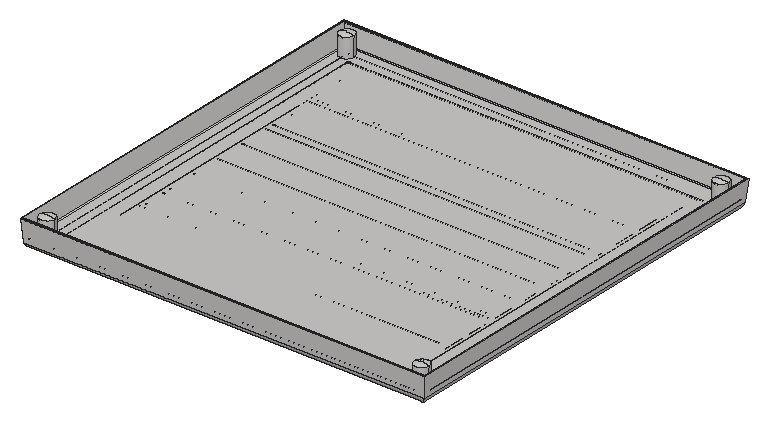
Revit family "NLRS_33_GM_FB_TC_STORAX_vloerluik_BVS-250_BCB", category Generic Models, host Face, Revit 2014
Parameters (values of type "BV-250 110")
  vullen_met_beton = "ja"  # constant formula
  versterking 88 = yes
  versterking 66 = yes
  versterking 106 110 = yes
  vergrendeling = "nee"  # constant formula
  uitwendige_lengte = 1135 mm
  uitwendige_breedte = 1135 mm
  sluiting = "4"  # constant formula
  scharnierend = "nee"  # constant formula
  rubberen_afdichting = "enkel"  # constant formula
  productgroep = "Vloerluiken"  # constant formula
  materiaal = bcb_staal
  liggers_lengte = binnenmaat_breedte - 50 mm  # 950 mm
  inbouwhoogte [instance] = 75 mm
  geïsoleerd = "nee"  # constant formula
  gewicht = "78"
  gasdrukveer = "nee"  # constant formula
  brandwerend 90 min = "nee"  # constant formula
  binnenmaat_lengte = uitwendige_lengte - 135 mm  # 1000 mm
  binnenmaat_breedte = uitwendige_breedte - 135 mm  # 1000 mm
  binnenluik = "tbv betonvulling"  # constant formula
  belasting = "125 kN"  # constant formula
  URL = "http://www.storax.nl/producten/Staal/188/Type-BVS-250"
  Model = "BV"  # constant formula
  Manufacturer = "Storax"  # constant formula
  Default Elevation = 0 mm
Types (6, lengths in mm): name | versterking 88 | versterking 66 | versterking 106 110 | uitwendige_lengte | uitwendige_breedte | liggers_lengte | gewicht | binnenmaat_lengte | binnenmaat_breedte
  (no name) | yes | yes | yes | 1135 | 1135 | 950 | "78" | 1000 | 1000
  BV-250 66 | no | yes | no | 735 | 735 | 550 | "31" | 600 | 600
  BV-250 88 | yes | no | no | 935 | 935 | 750 | "52" | 800 | 800
  BV-250 106 | no | no | yes | 1135 | 735 | 550 | "52" | 1000 | 600
  BV-250 110 | yes | yes | yes | 1135 | 1135 | 950 | "78" | 1000 | 1000
  maatwerk | yes | yes | yes | 1135 | 1135 | 950 | "52" | 1000 | 1000
Reference planes
  plane 1 "Center (Front/Back)": y = 0
  plane 2: z = 0
  plane 3 "Center (Left/Right)": x = 0
  plane 4: y = 567.5
  plane 5: y = -567.5
  plane 6: x = 567.5
  plane 7: x = -567.5
  plane 8: z = -75
  plane 9: x = -525.5
  plane 10: y = 525.5
  plane 11: y = -525.5
  plane 12: x = 525.5
  plane 13: x = -405.5
  plane 14: x = 405.5
  plane 15: y = -405.5
  plane 16: y = 405.5
Forms (mm)
  Sweep 1, solid, material "bcb_staal" <- "materiaal", detail levels medium+fine
    path origin (0, 0, 0) x (1, 0, 0) y (0, 1, 0)
      loop
        line (-567.5, 567.5) -> (-567.5, -567.5) -> (567.5, -567.5) -> (567.5, 567.5) -> (-567.5, 567.5)
    profile origin (-567.5, 0, 0) x (-1, 0, 0) y (0, 0, 1)
      loop
        line (0, 0) -> (-2.01, 0) -> (-8.062, -60.739)
        arc (-8.062, -60.739) -> (-19.025, -71.913) -> (-32.302, -63.62) r 12.5
        line (-32.302, -63.62) -> (-34.724, -56.679)
        arc (-34.724, -56.679) -> (-38.41, -54.001) -> (-42.212, -56.51) r 4
        line (-42.212, -56.51) -> (-44.362, -61.868)
        arc (-44.362, -61.868) -> (-48.269, -64.946) -> (-52.899, -63.13) r 5
        line (-52.899, -63.13) -> (-56.64, -57.982)
        arc (-56.64, -57.982) -> (-63.349, -55.792) -> (-67.5, -61.5) r 6
        line (-67.5, -61.5) -> (-67.5, -75) -> (-65.5, -75) -> (-65.5, -61.5)
        arc (-65.5, -61.5) -> (-62.734, -57.695) -> (-58.262, -59.152) r 4
        line (-58.262, -59.152) -> (-54.667, -64.109)
        arc (-54.667, -64.109) -> (-48.142, -66.947) -> (-42.504, -62.607) r 7
        line (-42.504, -62.607) -> (-40.356, -57.255)
        arc (-40.356, -57.255) -> (-38.451, -56.001) -> (-36.61, -57.346) r 2
        line (-36.61, -57.346) -> (-34.19, -64.279)
        arc (-34.19, -64.279) -> (-18.789, -73.899) -> (-6.071, -60.938) r 14.5
        line (-6.071, -60.938) -> (0, 0)
  Sweep 2, solid, material "bcb_staal" <- "materiaal", detail levels medium+fine
    path origin (0, 0, 0) x (1, 0, 0) y (0, 1, 0)
      loop
        line (-567.5, 567.5) -> (-567.5, -567.5) -> (567.5, -567.5) -> (567.5, 567.5) -> (-567.5, 567.5)
    profile origin (-567.5, 0, 0) x (-1, 0, 0) y (0, 0, 1)
      loop
        line (-10.487, -50.628) -> (-2.484, 0) -> (-4.5, 0) -> (-12.438, -50.313)
        arc (-12.438, -50.313) -> (-13.121, -51.538) -> (-14.437, -52.024) r 2.024
        line (-14.437, -52.024) -> (-67.5, -52.024) -> (-67.5, -53.988) -> (-14.751, -53.988)
        arc (-14.751, -53.988) -> (-11.962, -53.142) -> (-10.487, -50.628) r 4
  Sweep 3, solid, material "bcb_staal" <- "materiaal", detail levels coarse
    path origin (0, 0, 0) x (1, 0, 0) y (0, 1, 0)
      loop
        line (-567.5, 567.5) -> (-567.5, -567.5) -> (567.5, -567.5) -> (567.5, 567.5) -> (-567.5, 567.5)
    profile origin (-567.5, 0, 0) x (-1, 0, 0) y (0, 0, 1)
      loop
        line (0, 0) -> (-4.5, 0) -> (-12.74, -52.024) -> (-67.5, -52.024) -> (-67.5, -75) -> (-7.473, -75) -> (0, 0)
  Extrusion 4, solid, material "bcb_staal" <- "materiaal", detail levels medium+fine
    sketch origin (0, 0, 0) x (1, 0, 0) y (0, 1, 0)
      loop
        line (-500, 500) -> (-500, -500) -> (500, -500) -> (500, 500) -> (-500, 500)
    from -53.988 to -52
  Extrusion 5, solid, material "bcb_staal" <- "materiaal", detail levels coarse
    sketch origin (0, 0, 0) x (1, 0, 0) y (0, 1, 0)
      loop
        line (-500, 500) -> (-500, -500) -> (500, -500) -> (500, 500) -> (-500, 500)
    from -75 to -52.024
  Extrusion 6, void
    sketch origin (0, 0, 0) x (1, 0, 0) y (0, 1, 0)
      loop
        line (-405.5, -405.5) -> (405.5, -405.5) -> (405.5, 405.5) -> (-405.5, 405.5) -> (-405.5, -405.5)
    from -500 to 10
  Sweep 7, void
    path origin (0, 0, 0) x (1, 0, 0) y (0, 1, 0)
      loop
        line (-567.5, 567.5) -> (-567.5, -567.5) -> (567.5, -567.5) -> (567.5, 567.5) -> (-567.5, 567.5)
    profile origin (-567.5, 0, 0) x (-1, 0, 0) y (0, 0, 1)
      loop
        line (0.498, 5) -> (-162, 5) -> (-162, -365) -> (-65.5, -365) -> (-65.5, -75) -> (-7.473, -75) -> (0.498, 5)
Cuts and joins
  joined: Sweep 2, Extrusion 4
  joined: Sweep 3, Extrusion 5
Text (mm)
  text "Indien u deze familie geopend hebt vanuit het project via Edit Family: Niet Opslaan!\n\nOpen de familie via File - Open Family om de familie aan te passen.\n\n\n\nMocht u zelf aanpassingen willen aanbrengen in een type van de family, \n\npak dan het type maatwerk en neem contact op met Storax." at (-0.374, 589.999, 0), in view "Ref. Level"
Dimensions and locks
  equal spacing: plane 7, plane 3 "Center (Left/Right)", plane 6
  "uitwendige_breedte": plane 7 to plane 6
  equal spacing: plane 4, plane 1 "Center (Front/Back)", plane 5
  "uitwendige_lengte": plane 4 to plane 5
  locked: plane 4 to plane 10 at 42
  locked: plane 7 to plane 9 at 42
  locked: plane 12 to plane 6 at 42
  locked: plane 5 to plane 11 at 42
  locked: plane 9 to plane 13 at 120
  locked: plane 14 to plane 12 at 120
  locked: plane 15 to plane 11 at 120
  locked: plane 10 to plane 16 at 120
  aligned and locked: plane 2 to host face
  aligned and locked: level to host face
  aligned and locked: Sweep 1 sketch curve to plane 4
  aligned and locked: plane 7 to Sweep 1 sketch curve
  aligned and locked: plane 5 to Sweep 1 sketch curve
  aligned and locked: Sweep 1 sketch curve to plane 6
  aligned and locked: Sweep 2 sketch curve to Sweep 1  (x4)
  aligned and locked: Sweep 3 sketch curve to Sweep 1  (x4)
  aligned and locked: Extrusion 4 sketch curve to Sweep 1  (x4)
  aligned and locked: Extrusion 5 sketch curve to Sweep 3  (x2)
  aligned and locked: Extrusion 5 sketch curve to Sweep 1  (x2)
  aligned and locked: plane 9 to nested 1
  aligned and locked: nested 1 to plane 10
  aligned and locked: nested 2 to plane 12
  aligned and locked: plane 10 to nested 2
  aligned and locked: plane 11 to nested 3
  aligned and locked: nested 3 to plane 9
  aligned and locked: nested 4 to plane 11
  aligned and locked: plane 12 to nested 4
  aligned and locked: Extrusion 6 to plane 16
  aligned and locked: Extrusion 6 to plane 14
  aligned and locked: Extrusion 6 to plane 15
  aligned and locked: Extrusion 6 to plane 13
  aligned and locked: Sweep 7 sketch curve to plane 4
  aligned and locked: Sweep 7 sketch curve to plane 6
  aligned and locked: plane 5 to Sweep 7 sketch curve
  aligned and locked: plane 7 to Sweep 7 sketch curve
  aligned and locked: plane 3 "Center (Left/Right)" to nested 5
  aligned and locked: plane 1 "Center (Front/Back)" to nested 5
Automatic sketch dimensions
  host sketch curve to host sketch curve = 2000 mm  (x2)
  Sweep 1 sketch curve to profile plane = 0 mm
  profile plane to Sweep 1 sketch curve = 6.071 mm
  Sweep 1 sketch curve to Sweep 1 sketch curve = 1.99 mm
  Sweep 1 sketch curve to Sweep 1 sketch curve = 12.438 mm
  Sweep 1 sketch curve to Sweep 1 sketch curve = 0 mm  (x6)
  Sweep 1 sketch curve to Sweep 1 sketch curve = 11.802 mm
  Sweep 1 sketch curve to Sweep 1 sketch curve = 1.888 mm
  Sweep 1 sketch curve to Sweep 1 sketch curve = 2.423 mm
  Sweep 1 sketch curve to Sweep 1 sketch curve = 1.886 mm
  Sweep 1 sketch curve to Sweep 1 sketch curve = 1.89 mm
  Sweep 1 sketch curve to Sweep 1 sketch curve = 1.856 mm  (x2)
  Sweep 1 sketch curve to Sweep 1 sketch curve = 2.147 mm
  Sweep 1 sketch curve to Sweep 1 sketch curve = 1.858 mm
  Sweep 1 sketch curve to Sweep 1 sketch curve = 4.638 mm
  Sweep 1 sketch curve to Sweep 1 sketch curve = 3.899 mm
  Sweep 1 sketch curve to Sweep 1 sketch curve = 1.768 mm
  Sweep 1 sketch curve to Sweep 1 sketch curve = 3.741 mm
  Sweep 1 sketch curve to Sweep 1 sketch curve = 1.622 mm
  Sweep 1 sketch curve to Sweep 1 sketch curve = 3.238 mm
  Sweep 1 sketch curve to Sweep 1 sketch curve = 4 mm
  Sweep 1 sketch curve to Sweep 1 sketch curve = 2 mm
  Sweep 1 sketch curve to level = 56.51 mm
  Sweep 1 sketch curve to Sweep 1 sketch curve = 0.169 mm
  Sweep 1 sketch curve to Sweep 1 sketch curve = 0.745 mm
  Sweep 1 sketch curve to Sweep 1 sketch curve = 0.654 mm
  Sweep 1 sketch curve to Sweep 1 sketch curve = 1.471 mm
  Sweep 1 sketch curve to Sweep 1 sketch curve = 1.17 mm
  Sweep 1 sketch curve to Sweep 1 sketch curve = 2.821 mm
  Sweep 1 sketch curve to Sweep 1 sketch curve = 3.49 mm
  Sweep 1 sketch curve to Sweep 1 sketch curve = 1.239 mm
  Sweep 1 sketch curve to Sweep 1 sketch curve = 0.198 mm
  Sweep 1 sketch curve to Sweep 1 sketch curve = 1.867 mm
  Sweep 1 sketch curve to Sweep 1 sketch curve = 0.739 mm
  Sweep 1 sketch curve to Sweep 1 sketch curve = 13.5 mm
  profile plane to Sweep 1 sketch curve = 2.01 mm
  Sweep 1 sketch curve to Sweep 1 sketch curve = 60.938 mm
  Sweep 2 sketch curve to level = 0 mm
  profile plane to Sweep 2 sketch curve = 14.751 mm
  Sweep 2 sketch curve to Sweep 2 sketch curve = 0.313 mm  (x2)
  Sweep 2 sketch curve to Sweep 2 sketch curve = 0 mm  (x2)
  Sweep 2 sketch curve to Sweep 2 sketch curve = 1.95 mm
  Sweep 2 sketch curve to Sweep 2 sketch curve = 0.315 mm
  Sweep 2 sketch curve to Sweep 2 sketch curve = 53.063 mm
  profile plane to Sweep 2 sketch curve = 4.5 mm
  Sweep 2 sketch curve to Sweep 2 sketch curve = 2.016 mm
  Sweep 2 sketch curve to level = 52.024 mm
  Sweep 2 sketch curve to Sweep 2 sketch curve = 1.963 mm
  Sweep 3 sketch curve to level = 0 mm
  Sweep 3 sketch curve to profile plane = 0 mm
  profile plane to Sweep 3 sketch curve = 4.5 mm
  profile plane to Sweep 3 sketch curve = 12.74 mm
  Sweep 3 sketch curve to Sweep 3 sketch curve = 54.76 mm
  Sweep 3 sketch curve to level = 52.024 mm
  profile plane to Sweep 3 sketch curve = 7.473 mm
  Sweep 3 sketch curve to Sweep 3 sketch curve = 22.976 mm
  Extrusion 6 sketch curve to plane 11 = 120 mm
  Extrusion 6 sketch curve to plane 1 "Center (Front/Back)" = 405.5 mm
  Extrusion 6 sketch curve to plane 13 = 0 mm
  Extrusion 6 sketch curve to plane 14 = 0 mm
  level to Sweep 7 sketch curve = 5 mm
  profile plane to Sweep 7 sketch curve = 162 mm
  profile plane to Sweep 7 sketch curve = 65.5 mm
  profile plane to Sweep 7 sketch curve = 7.473 mm
  Sweep 7 sketch curve to profile plane = 0.498 mm
  Sweep 7 sketch curve to level = 75 mm
  Sweep 7 sketch curve to Sweep 7 sketch curve = 290 mm
Nested families
  nested 1: "NLRS_33_GM_FB_TC_STORAX_vloerluik_BV_BCB_Inbusbout" at (-525.5, 525.5, -52.024), type "NLRS_33_GM_FB_TC_STORAX_vloerluik_BV_BCB_Inbusbout"
  nested 2: "NLRS_33_GM_FB_TC_STORAX_vloerluik_BV_BCB_Inbusbout" at (525.5, 525.5, -52.024) x (-1, 0, 0) z (0, 0, 1), type "NLRS_33_GM_FB_TC_STORAX_vloerluik_BV_BCB_Inbusbout"
  nested 3: "NLRS_33_GM_FB_TC_STORAX_vloerluik_BV_BCB_Inbusbout" at (-525.5, -525.5, -52.024), type "NLRS_33_GM_FB_TC_STORAX_vloerluik_BV_BCB_Inbusbout"
  nested 4: "NLRS_33_GM_FB_TC_STORAX_vloerluik_BV_BCB_Inbusbout" at (525.5, -525.5, -52.024) x (-1, 0, 0) z (0, 0, 1), type "NLRS_33_GM_FB_TC_STORAX_vloerluik_BV_BCB_Inbusbout"
  nested 5: "NLRS_33_GM_FB_TC_STORAX_vloerluik_BVS-250_BCB_Versteviging" at (0, 0, 0), type "NLRS_33_GM_FB_TC_STORAX_vloerluik_BVS-250_BCB_Versteviging"
    with lengte 950 mm
Definition of nested family "NLRS_33_GM_FB_TC_STORAX_vloerluik_BV_BCB_Inbusbout"
  Parameters (values of type "NLRS_33_GM_FB_TC_STORAX_vloerluik_BV_BCB_Inbusbout")
    materiaal = bcb_staal
    Default Elevation = 1219.2 mm
  Reference planes
    plane 1 "Center (Front/Back)": y = 0
    plane 2: z = 0
    plane 3 "Center (Left/Right)": x = 0
  Forms (mm)
    Extrusion 1, solid, not visible
      sketch origin (0, 0, 0) x (1, 0, 0) y (0, 1, 0)
        loop
          line (-250, 250) -> (-250, -250) -> (250, -250) -> (250, 250) -> (-250, 250)
      from 0 to -100
    Extrusion 2, solid, material "bcb_staal" <- "materiaal", detail levels medium+fine
      sketch origin (0, 0, 0) x (1, 0, 0) y (0, 1, 0)
        loop
          circle (0, 0) r 20
      from 0 to 52
    Revolve 3, solid, material "bcb_kunststof", detail levels medium+fine
      sketch origin (0, 0, 0) x (1, 0, 0) y (0, 0, 1)
        loop
          line (-20, 52) -> (0, 52) -> (0, 56)
          arc (0, 56) -> (-10.198, 54.99) -> (-20, 52) r 52
        axis (0, 56) -> (0, 52)
      angle from 0 to 360
  Dimensions and locks
    aligned and locked: plane 2 to Extrusion 1
    aligned and locked: level to Extrusion 1
Definition of nested family "NLRS_33_GM_FB_TC_STORAX_vloerluik_BVS-250_BCB_Versteviging"
  Parameters (values of type "NLRS_33_GM_FB_TC_STORAX_vloerluik_BVS-250_BCB_Versteviging")
    materiaal = bcb_staal
    lengte = 1110 mm
    Default Elevation = 0 mm
    88 = yes
    66 = yes
    106 110 = yes
  Reference planes
    plane 1 "Center (Front/Back)": y = 0
    plane 2: z = 0
    plane 3 "Center (Left/Right)": x = 0
    plane 4: x = 555
    plane 5: x = -555
    plane 6: x = -545
    plane 7: x = 545
  Forms (mm)
    Extrusion 1, solid
      sketch origin (0, 0, 0) x (1, 0, 0) y (0, 1, 0)
        loop
          line (-930, 645) -> (-930, -815) -> (870, -815) -> (870, 645) -> (-930, 645)
      from 0 to -10
    Extrusion 2, solid, material "bcb_staal" <- "materiaal", visible <- "66"
      sketch origin (0, 0, -54) x (0, 1, 0) y (0, 0, 1)
        loop
          line (-275, -34.999) -> (-250, -59.999) -> (250, -59.999) -> (275, -34.999) -> (275, 0.001) -> (-275, 0.001) -> (-275, -34.999)
      from 545 to 555
    Extrusion 3, solid, material "bcb_staal" <- "materiaal", visible <- "66"
      sketch origin (0, 0, -54) x (0, 1, 0) y (0, 0, -1)
        loop
          line (-275, 34.999) -> (-275, -0.001) -> (275, -0.001) -> (275, 34.999) -> (250, 59.999) -> (-250, 59.999) -> (-275, 34.999)
      from 545 to 555
    Extrusion 4, solid, material "bcb_staal" <- "materiaal", visible <- "88"
      sketch origin (0, 0, -54) x (0, 1, 0) y (0, 0, 1)
        loop
          line (-350, -34.999) -> (-325, -59.999) -> (325, -59.999) -> (350, -34.999) -> (350, 0.001) -> (-350, 0.001) -> (-350, -34.999)
      from 545 to 555
    Extrusion 5, solid, material "bcb_staal" <- "materiaal", visible <- "88"
      sketch origin (0, 0, -54) x (0, 1, 0) y (0, 0, -1)
        loop
          line (-350, 34.999) -> (-350, -0.001) -> (350, -0.001) -> (350, 34.999) -> (325, 59.999) -> (-325, 59.999) -> (-350, 34.999)
      from 545 to 555
    Extrusion 6, solid, material "bcb_staal" <- "materiaal", visible <- "106 110"
      sketch origin (0, 0, -54) x (0, 1, 0) y (0, 0, 1)
        loop
          line (-450, -34.999) -> (-425, -59.999) -> (425, -59.999) -> (450, -34.999) -> (450, 0.001) -> (-450, 0.001) -> (-450, -34.999)
      from 545 to 555
    Extrusion 7, solid, material "bcb_staal" <- "materiaal", visible <- "106 110"
      sketch origin (0, 0, -54) x (0, 1, 0) y (0, 0, -1)
        loop
          line (-450, 34.999) -> (-450, -0.001) -> (450, -0.001) -> (450, 34.999) -> (425, 59.999) -> (-425, 59.999) -> (-450, 34.999)
      from 545 to 555
  Dimensions and locks
    equal spacing: plane 5, plane 3 "Center (Left/Right)", plane 4
    "lengte": plane 5 to plane 4
    locked: plane 5 to plane 6 at 10
    locked: plane 7 to plane 4 at 10
    aligned and locked: plane 2 to Extrusion 1
    aligned and locked: level to Extrusion 1
    aligned and locked: plane 3 "Center (Left/Right)" to nested 4
    aligned and locked: nested 11 to plane 3 "Center (Left/Right)"
    aligned and locked: nested 5 to plane 3 "Center (Left/Right)"
    aligned and locked: nested 10 to plane 3 "Center (Left/Right)"
    aligned and locked: nested 6 to plane 3 "Center (Left/Right)"
    aligned and locked: nested 3 to plane 3 "Center (Left/Right)"
    aligned and locked: nested 9 to plane 3 "Center (Left/Right)"
    aligned and locked: nested 2 to plane 3 "Center (Left/Right)"
    aligned and locked: nested 7 to plane 3 "Center (Left/Right)"
    aligned and locked: nested 8 to plane 3 "Center (Left/Right)"
    aligned and locked: plane 3 "Center (Left/Right)" to nested 1
    aligned and locked: nested 12 to plane 3 "Center (Left/Right)"
    aligned and locked: Extrusion 7 to plane 5
    aligned and locked: Extrusion 6 to plane 4
    aligned and locked: plane 4 to Extrusion 4
    aligned and locked: plane 4 to Extrusion 2
    aligned and locked: Extrusion 5 to plane 5
    aligned and locked: Extrusion 3 to plane 5
    aligned and locked: Extrusion 7 to plane 6
    aligned and locked: plane 6 to Extrusion 5
    aligned and locked: plane 6 to Extrusion 3
    aligned and locked: Extrusion 6 to plane 7
    aligned and locked: Extrusion 4 to plane 7
    aligned and locked: Extrusion 2 to plane 7
  Automatic sketch dimensions
    Extrusion 2 sketch curve to level = 88.999 mm  (x2)
    plane 1 "Center (Front/Back)" to Extrusion 2 sketch curve = 275 mm
    Extrusion 2 sketch curve to level = 113.999 mm
    Extrusion 2 sketch curve to Extrusion 2 sketch curve = 25 mm  (x2)
    Extrusion 2 sketch curve to plane 1 "Center (Front/Back)" = 250 mm
    Extrusion 2 sketch curve to level = 53.999 mm
    Extrusion 3 sketch curve to level = 88.999 mm  (x2)
    plane 1 "Center (Front/Back)" to Extrusion 3 sketch curve = 275 mm
    Extrusion 3 sketch curve to level = 113.999 mm
    Extrusion 3 sketch curve to Extrusion 3 sketch curve = 25 mm  (x2)
    Extrusion 3 sketch curve to plane 1 "Center (Front/Back)" = 250 mm
    Extrusion 3 sketch curve to level = 53.999 mm
    plane 1 "Center (Front/Back)" to Extrusion 4 sketch curve = 350 mm
    Extrusion 4 sketch curve to Extrusion 4 sketch curve = 25 mm  (x4)
    Extrusion 4 sketch curve to plane 1 "Center (Front/Back)" = 325 mm
    Extrusion 4 sketch curve to level = 113.999 mm
    Extrusion 4 sketch curve to Extrusion 4 sketch curve = 35 mm
    plane 1 "Center (Front/Back)" to Extrusion 5 sketch curve = 350 mm
    Extrusion 5 sketch curve to Extrusion 5 sketch curve = 25 mm  (x3)
    Extrusion 5 sketch curve to plane 1 "Center (Front/Back)" = 325 mm
    Extrusion 5 sketch curve to level = 53.999 mm
    Extrusion 5 sketch curve to Extrusion 5 sketch curve = 35 mm  (x2)
    Extrusion 1 sketch curve to Extrusion 1 sketch curve = 1800 mm
    Extrusion 1 sketch curve to Extrusion 1 sketch curve = 1460 mm
    Extrusion 6 sketch curve to level = 88.999 mm
    plane 1 "Center (Front/Back)" to Extrusion 6 sketch curve = 450 mm
    Extrusion 6 sketch curve to level = 113.999 mm
    Extrusion 6 sketch curve to Extrusion 6 sketch curve = 25 mm  (x3)
    Extrusion 6 sketch curve to plane 1 "Center (Front/Back)" = 425 mm
    Extrusion 6 sketch curve to Extrusion 6 sketch curve = 35 mm
    Extrusion 7 sketch curve to level = 88.999 mm
    plane 1 "Center (Front/Back)" to Extrusion 7 sketch curve = 450 mm
    Extrusion 7 sketch curve to level = 113.999 mm
    Extrusion 7 sketch curve to Extrusion 7 sketch curve = 25 mm  (x3)
    Extrusion 7 sketch curve to plane 1 "Center (Front/Back)" = 425 mm
    Extrusion 7 sketch curve to Extrusion 7 sketch curve = 35 mm
  Nested families
    nested 1: "NLRS_33_GM_FB_TC_STORAX_vloerluik_BVS-250_BCB_Liggers" at (0, -194, 0), visible <- "66", type "NLRS_33_GM_FB_TC_STORAX_vloerluik_BVS-250_BCB_Liggers"
      with lengte 1110 mm
    nested 2: "NLRS_33_GM_FB_TC_STORAX_vloerluik_BVS-250_BCB_Liggers" at (0, 194, 0), visible <- "66", type "NLRS_33_GM_FB_TC_STORAX_vloerluik_BVS-250_BCB_Liggers"
      with lengte 1110 mm
    nested 3: "NLRS_33_GM_FB_TC_STORAX_vloerluik_BVS-250_BCB_Liggers" at (0, 0, 0), visible <- "66", type "NLRS_33_GM_FB_TC_STORAX_vloerluik_BVS-250_BCB_Liggers"
      with lengte 1110 mm
    nested 4: "NLRS_33_GM_FB_TC_STORAX_vloerluik_BVS-250_BCB_Liggers" at (0, -255, 0), visible <- "88", type "NLRS_33_GM_FB_TC_STORAX_vloerluik_BVS-250_BCB_Liggers"
      with lengte 1110 mm
    nested 5: "NLRS_33_GM_FB_TC_STORAX_vloerluik_BVS-250_BCB_Liggers" at (0, -85, 0), visible <- "88", type "NLRS_33_GM_FB_TC_STORAX_vloerluik_BVS-250_BCB_Liggers"
      with lengte 1110 mm
    nested 6: "NLRS_33_GM_FB_TC_STORAX_vloerluik_BVS-250_BCB_Liggers" at (0, 85, 0), visible <- "88", type "NLRS_33_GM_FB_TC_STORAX_vloerluik_BVS-250_BCB_Liggers"
      with lengte 1110 mm
    nested 7: "NLRS_33_GM_FB_TC_STORAX_vloerluik_BVS-250_BCB_Liggers" at (0, 255, 0), visible <- "88", type "NLRS_33_GM_FB_TC_STORAX_vloerluik_BVS-250_BCB_Liggers"
      with lengte 1110 mm
    nested 8: "NLRS_33_GM_FB_TC_STORAX_vloerluik_BVS-250_BCB_Liggers" at (0, 340, 0), visible <- "106 110", type "NLRS_33_GM_FB_TC_STORAX_vloerluik_BVS-250_BCB_Liggers"
      with lengte 1110 mm
    nested 9: "NLRS_33_GM_FB_TC_STORAX_vloerluik_BVS-250_BCB_Liggers" at (0, 170, 0), visible <- "106 110", type "NLRS_33_GM_FB_TC_STORAX_vloerluik_BVS-250_BCB_Liggers"
      with lengte 1110 mm
    nested 10: "NLRS_33_GM_FB_TC_STORAX_vloerluik_BVS-250_BCB_Liggers" at (0, 0, 0), visible <- "106 110", type "NLRS_33_GM_FB_TC_STORAX_vloerluik_BVS-250_BCB_Liggers"
      with lengte 1110 mm
    nested 11: "NLRS_33_GM_FB_TC_STORAX_vloerluik_BVS-250_BCB_Liggers" at (0, -170, 0), visible <- "106 110", type "NLRS_33_GM_FB_TC_STORAX_vloerluik_BVS-250_BCB_Liggers"
      with lengte 1110 mm
    nested 12: "NLRS_33_GM_FB_TC_STORAX_vloerluik_BVS-250_BCB_Liggers" at (0, -340, 0), visible <- "106 110", type "NLRS_33_GM_FB_TC_STORAX_vloerluik_BVS-250_BCB_Liggers"
      with lengte 1110 mm
  Definition of nested family "NLRS_33_GM_FB_TC_STORAX_vloerluik_BVS-250_BCB_Liggers"
    Parameters (values of type "NLRS_33_GM_FB_TC_STORAX_vloerluik_BVS-250_BCB_Liggers")
      materiaal = bcb_staal
      lengte = 600 mm
      Default Elevation = 0 mm
    Reference planes
      plane 1 "Center (Front/Back)": y = 0
      plane 2: z = 0
      plane 3 "Center (Left/Right)": x = 0
      plane 4: x = 290
      plane 5: x = -290
      plane 6: x = -300
      plane 7: x = 300
    Forms (mm)
      Extrusion 1, solid
        sketch origin (0, 0, 0) x (1, 0, 0) y (0, 1, 0)
          loop
            line (-250, 250) -> (-250, -250) -> (250, -250) -> (250, 250) -> (-250, 250)
        from 0 to -10
      Extrusion 2, solid, material "bcb_staal" <- "materiaal", detail levels medium+fine
        sketch origin (0, 0, -54) x (0, 1, 0) y (0, 0, 1)
          loop
            arc (-2.2, -86.699) -> (-4.25, -91.649) -> (-9.2, -93.699) r 7
            line (-9.2, -93.699) -> (-32, -93.699) -> (-32, -99.999) -> (32, -99.999) -> (32, -93.699) -> (9.2, -93.699)
            arc (9.2, -93.699) -> (4.25, -91.649) -> (2.2, -86.699) r 7
            line (2.2, -86.699) -> (2.2, -13.299)
            arc (2.2, -13.299) -> (4.25, -8.349) -> (9.2, -6.299) r 7
            line (9.2, -6.299) -> (32, -6.299) -> (32, 0.001) -> (-32, 0.001) -> (-32, -6.299) -> (-9.2, -6.299)
            arc (-9.2, -6.299) -> (-4.25, -8.349) -> (-2.2, -13.299) r 7
            line (-2.2, -13.299) -> (-2.2, -86.699)
        from -290 to 290
      Extrusion 3, void
        sketch origin (0, 0, -54) x (1, 0, 0) y (0, 0, 1)
          loop
            line (-256, -93.699) -> (-290, -59.699) -> (-290, 7.999) -> (-306, 7.999) -> (-306, -112.001) -> (-256, -112.001) -> (-256, -93.699)
        from -50 to 50
      Extrusion 4, void
        sketch origin (0, 0, -54) x (-1, 0, 0) y (0, 0, -1)
          loop
            line (-256, 93.699) -> (-256, 112.001) -> (-306, 112.001) -> (-306, -7.999) -> (-290, -7.999) -> (-290, 59.699) -> (-256, 93.699)
        from -50 to 50
    Cuts and joins
      Extrusion 3, Extrusion 4 cuts Extrusion 2
    Dimensions and locks
      equal spacing: plane 5, plane 3 "Center (Left/Right)", plane 4
      locked: plane 6 to plane 5 at 10
      locked: plane 4 to plane 7 at 10
      "lengte": plane 6 to plane 7
      aligned and locked: plane 2 to Extrusion 1
      aligned and locked: level to Extrusion 1
      aligned and locked: Extrusion 2 to plane 5
      aligned and locked: plane 4 to Extrusion 2
    Automatic sketch dimensions
      Extrusion 1 sketch curve to Extrusion 1 sketch curve = 500 mm  (x2)
      Extrusion 2 sketch curve to level = 53.999 mm
      plane 1 "Center (Front/Back)" to Extrusion 2 sketch curve = 32 mm  (x2)
      plane 1 "Center (Front/Back)" to Extrusion 2 sketch curve = 9.2 mm  (x2)
      plane 1 "Center (Front/Back)" to Extrusion 2 sketch curve = 2.2 mm
      Extrusion 2 sketch curve to plane 1 "Center (Front/Back)" = 2.2 mm
      Extrusion 2 sketch curve to plane 1 "Center (Front/Back)" = 9.2 mm  (x2)
      Extrusion 2 sketch curve to level = 60.299 mm
      Extrusion 2 sketch curve to Extrusion 2 sketch curve = 22.8 mm  (x2)
      Extrusion 2 sketch curve to Extrusion 2 sketch curve = 73.4 mm
      Extrusion 2 sketch curve to Extrusion 2 sketch curve = 0 mm  (x2)
      Extrusion 2 sketch curve to Extrusion 2 sketch curve = 6.3 mm
      Extrusion 3 sketch curve to plane 5 = 0 mm
      Extrusion 3 sketch curve to plane 5 = 16 mm
      plane 5 to Extrusion 3 sketch curve = 34 mm
      Extrusion 3 sketch curve to level = 166.001 mm
      Extrusion 3 sketch curve to Extrusion 3 sketch curve = 18.302 mm
      Extrusion 3 sketch curve to Extrusion 3 sketch curve = 34 mm
      Extrusion 3 sketch curve to level = 46.001 mm
      Extrusion 4 sketch curve to plane 4 = 0 mm
      Extrusion 4 sketch curve to plane 4 = 16 mm
      plane 4 to Extrusion 4 sketch curve = 34 mm
      level to Extrusion 4 sketch curve = 166.001 mm
      Extrusion 4 sketch curve to Extrusion 4 sketch curve = 18.302 mm
      Extrusion 4 sketch curve to Extrusion 4 sketch curve = 34 mm
      level to Extrusion 4 sketch curve = 46.001 mm
